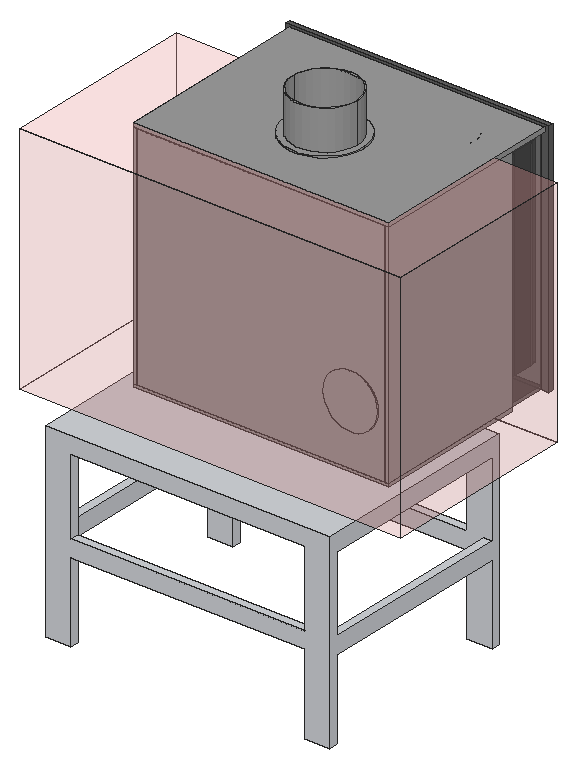
Revit family "FOGO MONTANHA-CLASSIC-E601-GLASS DOOR-R19-V00", category Mechanical Equipment, host Wall, Revit 2019
Family settings
  Host = Wall
  Round Connector Dimension = Use Diameter
  Part Type = Normal
  OmniClass Number = 23.19.17.00
  Always vertical = Yes
  Cut with Voids When Loaded = No
  Shared = No
  Room Calculation Point = No
Parameters (values of type "Glass Door-3 sided Black Steel Frame 20mm")
  r_SmallDuct_Top = Diameter / 2  # 50 mm
  r_CentralDuct_Top = F / 2  # 75 mm
  r_Duct_back = 65 mm
  Frame Type = FOGO MONTANHA-CLASSIC-3L FRAME : E601-20mm-Black Steel
  Door_Glass_Offset = 70 mm
  V = 270
  Support Table [instance] = yes
  Pu = 5.6
  Power = 8 kW
  Pn = 8
  P = 11.9
  Glass = Fogo Montanha-Glass
  Electrical Power = 32 W
  Electric tension = 230 V
  Efficiency at nominal power = "80%"
  Diameter = 100 mm
  Dark Glass = Fogo Montanha-Dark Glass
  URL = "https://welcome.fogo-montanha.com/pesquisar/PA2019P002"
  Door_Position = 5 mm  # constant formula
  Door = Fogo Montanha-Dark Glass
  Offset_Door-Frame = 26.7 mm
  GlassDoor = yes
  Model = "Classic-E601"  # constant formula
  Manufacturer URL = "www.fogo-montanha.com"
  Manufacturer = "Fogo Montanha"  # constant formula
  Height from Level [instance] = 450 mm
  Version = "v00"  # constant formula
  Uniformat II Description = "Heat Generating Systems"  # constant formula
  Uniformat II Code = "D3020"  # constant formula
  Uniclass 2015 Name = "Space heaters"  # constant formula
  Uniclass 2015 Code = "TE_70_10_20_80"  # constant formula
  Uniclass 2.0 Description = "Space Heating And Cooling Products"  # constant formula
  Uniclass 2.0 Code = "PR-70-60-36-74"  # constant formula
  Uniclass 1.4 Description = "Fireplaces"  # constant formula
  Uniclass 1.4 Code = "L828"  # constant formula
  UNSPSC Description = "Space Heaters"  # constant formula
  UNSPSC Code = "40101819"  # constant formula
  Reference = "PA2019P002"
  Publication date = "08/2022"  # constant formula
  Number of Poles = 1
  NBS Reference Description = "Room Heaters"  # constant formula
  NBS Reference Code = "60-36-74"  # constant formula
  Masterformat 2014 Description = "Fireplaces and Stoves"  # constant formula
  Masterformat 2014 Code = "10 30 00"  # constant formula
  K = B + 13 mm  # 559 mm
  J = A + 17 mm  # 607 mm
  IfcExportType = "IfcSpaceHeaterType"  # constant formula
  IfcExportAs = "IfcSpaceHeater"  # constant formula
  G = 275 mm
  F = 150 mm
  Offset_Duct_Back = 90 mm
  Clearance Zone Visible [instance] = yes
  Clearance Zone = 150 mm
  Cl = 3.5
  CO2 = 10.1
  CO 13% O2 = 0.056
  Aux_Duct_Top = 120 mm
  Det_Door = if(GlassDoor, -1 mm, 15 mm)  # -1 mm
  Description = "Inseríveis a lenha com ventilação tangencial incluída de série, disponíveis em preto, cinza ou porta em vidro. Incluem porta com sistema de fecho automático, ar externo canalizável através de um kit opcional, dupla combustão e câmara estanque. Possibilidade de regulação da ventilação através de um controlador GLA que, com a inclusão de um Damper, permitirá também o controlo do ar de combustão. Kit wi-fi opcional para gestão do controlador GLA à distância através de smartphone."  # constant formula
  D = 465 mm
  Body = Fogo Montanha-Steel
  Base_Offset [instance] = if(and(Height from Level < 300 mm, Support Table), 300 mm, if(and(Height from Level > 545 mm, Support Table), 545 mm, Height from Level))  # 450 mm
  E = B  # 546 mm
  C = A  # 590 mm
  BIM Modeler URL = "www.stratbim.com"
  BIM Modeler = "StratBIM"
  B = 546 mm
  Assembly Code = "D3020"
  A = 590 mm
Types (10, lengths in mm): name | Frame Type | V | P | Efficiency at nominal power | Height from Level | Cl | CO2 | CO 13% O2 | Base_Offset
  Glass Door-3 sided Black Steel Frame 20mm | FOGO MONTANHA-CLASSIC-3L FRAME : E601-20mm-Black Steel | 270 | 11.9 | "80%" | 450 | 3.5 | 10.1 | 0.056 | 450
  Glass Door-4 sided Grey Steel Frame 20mm | FOGO MONTANHA-CLASSIC-4L FRAME : E601-20mm-Grey Steel | 270 | 11.9 | "80%" | 450 | 3.5 | 10.1 | 0.056 | 450
  Glass Door-4 sided Black Steel Frame 20mm | FOGO MONTANHA-CLASSIC-4L FRAME : E601-20mm-Black Steel | 270 | 11.9 | "80%" | 450 | 3.5 | 10.1 | 0.056 | 450
  Glass Door-4 sided Grey Steel Frame 45mm | FOGO MONTANHA-CLASSIC-4L FRAME : E601-45mm-Grey Steel | 270 | 11.9 | "80%" | 450 | 3.5 | 10.1 | 0.056 | 450
  Glass Door-4 sided Black Steel Frame 45mm | FOGO MONTANHA-CLASSIC-4L FRAME : E601-45mm-Black Steel | 270 | 11.9 | "80%" | 450 | 3.5 | 10.1 | 0.056 | 450
  Glass Door-3 sided Grey Steel Frame 45mm | FOGO MONTANHA-CLASSIC-3L FRAME : E601-45mm-Grey Steel | 270 | 11.9 | "80%" | 450 | 3.5 | 10.1 | 0.056 | 450
  Glass Door-3 sided Black Steel Frame 45mm | FOGO MONTANHA-CLASSIC-3L FRAME : E601-45mm-Black Steel | 270 | 11.9 | "80%" | 450 | 3.5 | 10.1 | 0.056 | 450
  Glass Door-3 sided Grey Steel Frame 20mm | FOGO MONTANHA-CLASSIC-3L FRAME : E601-20mm-Grey Steel | 270 | 11.9 | "80%" | 450 | 3.5 | 10.1 | 0.056 | 450
  Glass Door-3 sided Glass Frame 50mm | FOGO MONTANHA-CLASSIC-3L FRAME : E601-50mm-Glass | 270 | 11.9 | "80%" | 450 | 3.5 | 10.1 | 0.056 | 450
  Glass Door-4 sided Glass Frame 50mm | FOGO MONTANHA-CLASSIC-4L FRAME : E601-50mm-Glass | 211 | 9.3 | "0.07" | 200 | 2.8 | 9.3 | 0.07 | 300
Reference planes
  plane 1 "Wall": y = 0
  plane 2 "Center (Left/Right)": x = 0
  plane 3 "Front": y = 75
  plane 4 "2": x = 295
  plane 5 "3": x = -295
  plane 6 "4": x = -295
  plane 7 "5": x = 295
  plane 8 "6": x = -303.5
  plane 9 "7": x = 303.5
  plane 10 "K'": z = 1009
  plane 11 "K": z = 450
  plane 12: y = -200
  plane 13: y = -390
  plane 14 "8": x = -50
  plane 15 "9": x = 50
  plane 16 "10": x = 213.5
  plane 17: z = 729.5
  plane 18 "B'": z = 1002.5
  plane 19 "B": z = 456.5
  plane 20 "E'": z = 1002.5
  plane 21 "E": z = 456.5
  plane 22 "L": z = 601
  plane 23: y = -46
  plane 24 "M": x = -183.5
  plane 25 "M'": x = 183.5
  plane 26: z = 997
  plane 27: z = 466.5
  plane 28 "S": x = -298.5
  plane 29 "T": x = 298.5
  plane 30 "U": x = 271.8
  plane 31 "V": x = -271.8
  plane 32: z = 970.3
  plane 33: z = 493.2
  plane 34: z = 628.2
  plane 35: z = 900.3
  plane 36 "W": x = 201.8
  plane 37 "X": x = -201.8
  plane 38: y = -340
  plane 39 "Y": x = 100
  plane 40 "AA": x = -100
  plane 41: y = 87
  plane 42: z = 558.2
  plane 43: z = 548.2
  plane 44 "BB": z = 1109
  plane 45 "Origin": z = 0
  plane 46: y = -25
Forms (mm)
  Extrusion 1, solid, material "Fogo Montanha-Steel" <- "Body", detail levels coarse
    sketch origin (0, 75, 0) x (1, 0, 0) y (0, 0, 1)
      loop
        line (303.5, 450) -> (303.5, 1002.5) -> (-303.5, 1002.5) -> (-303.5, 450) -> (303.5, 450)
    from 0 to 465
  Extrusion 2, solid, material "Fogo Montanha-Steel" <- "Body", detail levels medium+fine
    sketch origin (-303.5, 0, 0) x (0, 1, 0) y (0, 0, 1)
      loop
        line (-25, 456.5) -> (-25, 1002.5) -> (-200, 1002.5) -> (-390, 1002.5) -> (-390, 456.5) -> (-25, 456.5)
    from 0 to 8.5
  Extrusion 3, solid, material "Fogo Montanha-Steel" <- "Body", detail levels medium+fine
    sketch origin (303.5, 30, 0) x (0, 1, 0) y (0, 0, -1)
      loop
        line (-55, -456.5) -> (-420, -456.5) -> (-420, -1002.5) -> (-230, -1002.5) -> (-55, -1002.5) -> (-55, -456.5)
    from 0 to 8.5
  Extrusion 4, solid, material "Fogo Montanha-Steel" <- "Body", detail levels medium+fine
    sketch origin (1420, -390, 1200) x (1, 0, 0) y (0, 0, 1)
      loop
        line (-1125, -743.5) -> (-1125, -197.5) -> (-1715, -197.5) -> (-1715, -743.5) -> (-1125, -743.5)
    from 0 to -10
  Extrusion 5, solid, material "Fogo Montanha-Steel" <- "Body", detail levels medium+fine
    sketch origin (2348.699, 225, 1002.5) x (1, 0, 0) y (0, 1, 0)
      loop
        line (-2652.199, -150) -> (-2652.199, -615) -> (-2045.199, -615) -> (-2045.199, -150) -> (-2652.199, -150)
      loop
        circle (-2348.699, -425) r 75
    from 10 to 0
  Extrusion 6, solid, material "Fogo Montanha-Steel" <- "Body", detail levels medium+fine
    sketch origin (2348.699, 225, 456.5) x (1, 0, 0) y (0, 1, 0)
      loop
        line (-2652.199, -250) -> (-2652.199, -615) -> (-2045.199, -615) -> (-2045.199, -250) -> (-2652.199, -250)
    from -6.5 to 0
  Extrusion 7, solid, material "Fogo Montanha-Steel" <- "Body", detail levels medium+fine
    sketch origin (1420, -390, 1200) x (1, 0, 0) y (0, 0, 1)
      loop
        circle (-1206.5, -599) r 65
    from 0 to 1
  Sweep 8, solid, material "Fogo Montanha-Steel" <- "Body"
    path in 3D
      loop
        arc (-75, -200, 1009) -> (0, -275, 1009) -> (75, -200, 1009) r 75
        arc (75, -200, 1009) -> (0, -125, 1009) -> (-75, -200, 1009) r 75
    profile origin (0, -125, 1009) x (0, -1, 0) y (0, 0, 1)
      loop
        line (0, 3.5) -> (0, 100) -> (-2, 100) -> (-2, 6.467) -> (-17, 6.467) -> (-17, 3.5) -> (0, 3.5)
  Extrusion 9, solid, material "Fogo Montanha-Glass" <- "Glass", detail levels medium+fine
    sketch origin (0, 75, 0) x (1, 0, 0) y (0, 0, 1)
      loop
        line (201.8, 628.2) -> (201.8, 900.3) -> (-201.8, 900.3) -> (-201.8, 628.2) -> (201.8, 628.2)
    from 0 to -12
  Extrusion 10, solid, material "Fogo Montanha-Dark Glass" <- "Door", detail levels medium+fine
    sketch origin (0, 75, 0) x (1, 0, 0) y (0, 0, 1)
      loop
        line (271.8, 493.2) -> (271.8, 970.3) -> (-271.8, 970.3) -> (-271.8, 493.2) -> (271.8, 493.2)
      loop
        line (-201.8, 628.2) -> (201.8, 628.2) -> (201.8, 900.3) -> (-201.8, 900.3) -> (-201.8, 628.2)
    from 0 to -12
  Extrusion 11, solid, material "Fogo Montanha-Vermiculite", detail levels medium+fine
    sketch origin (-271.8, 0, 0) x (0, 1, 0) y (0, 0, 1)
      loop
        line (0, 493.2) -> (0, 900.3) -> (-200, 900.3) -> (-340, 729.5) -> (-340, 493.2) -> (0, 493.2)
    from 0 to 8.5
  Extrusion 12, solid, material "Fogo Montanha-Dark Glass" <- "Door", detail levels medium+fine
    sketch origin (1420, -25, 1200) x (1, 0, 0) y (0, 0, 1)
      loop
        line (-1148.2, -229.7) -> (-1691.8, -229.7) -> (-1691.8, -706.8) -> (-1148.2, -706.8) -> (-1148.2, -229.7)
      loop
        line (-1121.5, -197.5) -> (-1718.5, -197.5) -> (-1718.5, -743.5) -> (-1121.5, -743.5) -> (-1121.5, -197.5)
    from 0 to 5
  Extrusion 13, solid, material "Fogo Montanha-Vermiculite", detail levels medium+fine
    sketch origin (271.8, 0, 0) x (0, 1, 0) y (0, 0, 1)
      loop
        line (0, 493.2) -> (0, 900.3) -> (-200, 900.3) -> (-340, 729.5) -> (-340, 493.2) -> (0, 493.2)
    from 0 to -8.5
  Extrusion 14, solid, material "Fogo Montanha-Vermiculite", detail levels medium+fine
    sketch origin (1420, -340, 1200) x (1, 0, 0) y (0, 0, 1)
      loop
        line (-1156.7, -706.8) -> (-1156.7, -470.5) -> (-1683.3, -470.5) -> (-1683.3, -706.8) -> (-1156.7, -706.8)
    from 0 to -8.5
  Extrusion 15, solid, material "Fogo Montanha-Vermiculite", detail levels medium+fine
    sketch origin (0, 0, 0) x (0, 1, 0) y (0, 0, 1)
      loop
        line (-200, 900.3) -> (-340, 729.5) -> (-329.009, 729.5) -> (-200, 886.892) -> (-200, 900.3)
    from -271.8 to 271.8
  Extrusion 16, solid, material "Fogo Montanha-Vermiculite", detail levels medium+fine
    sketch origin (2348.699, 225, 493.2) x (1, 0, 0) y (0, 1, 0)
      loop
        line (-2620.499, -225) -> (-2620.499, -565) -> (-2076.899, -565) -> (-2076.899, -225) -> (-2620.499, -225)
      loop
        line (-2248.699, -271) -> (-2448.699, -271) -> (-2448.699, -425) -> (-2248.699, -425) -> (-2248.699, -271)
    from 0 to 10
  Extrusion 17, solid, material "Fogo Montanha-Steel", detail levels medium+fine
    sketch origin (2348.699, 225, 493.2) x (1, 0, 0) y (0, 1, 0)
      loop
        line (-2248.699, -271) -> (-2448.699, -271) -> (-2448.699, -425) -> (-2248.699, -425) -> (-2248.699, -271)
      loop
        line (-2435.699, -300) -> (-2361.699, -300)
        arc (-2361.699, -300) -> (-2359.578, -299.121) -> (-2358.699, -297) r 3
        line (-2358.699, -297) -> (-2358.699, -284)
        arc (-2358.699, -284) -> (-2359.578, -281.879) -> (-2361.699, -281) r 3
        line (-2361.699, -281) -> (-2435.699, -281)
        arc (-2435.699, -281) -> (-2437.82, -281.879) -> (-2438.699, -284) r 3
        line (-2438.699, -284) -> (-2438.699, -297)
        arc (-2438.699, -297) -> (-2437.82, -299.121) -> (-2435.699, -300) r 3
      loop
        arc (-2261.699, -300) -> (-2259.578, -299.121) -> (-2258.699, -297) r 3
        line (-2258.699, -297) -> (-2258.699, -284)
        arc (-2258.699, -284) -> (-2259.578, -281.879) -> (-2261.699, -281) r 3
        line (-2261.699, -281) -> (-2335.699, -281)
        arc (-2335.699, -281) -> (-2337.82, -281.879) -> (-2338.699, -284) r 3
        line (-2338.699, -284) -> (-2338.699, -297)
        arc (-2338.699, -297) -> (-2337.82, -299.121) -> (-2335.699, -300) r 3
        line (-2335.699, -300) -> (-2261.699, -300)
      loop
        line (-2435.699, -329) -> (-2361.699, -329)
        arc (-2361.699, -329) -> (-2359.578, -328.121) -> (-2358.699, -326) r 3
        line (-2358.699, -326) -> (-2358.699, -313)
        arc (-2358.699, -313) -> (-2359.578, -310.879) -> (-2361.699, -310) r 3
        line (-2361.699, -310) -> (-2435.699, -310)
        arc (-2435.699, -310) -> (-2437.82, -310.879) -> (-2438.699, -313) r 3
        line (-2438.699, -313) -> (-2438.699, -326)
        arc (-2438.699, -326) -> (-2437.82, -328.121) -> (-2435.699, -329) r 3
      loop
        arc (-2261.699, -329) -> (-2259.578, -328.121) -> (-2258.699, -326) r 3
        line (-2258.699, -326) -> (-2258.699, -313)
        arc (-2258.699, -313) -> (-2259.578, -310.879) -> (-2261.699, -310) r 3
        line (-2261.699, -310) -> (-2335.699, -310)
        arc (-2335.699, -310) -> (-2337.82, -310.879) -> (-2338.699, -313) r 3
        line (-2338.699, -313) -> (-2338.699, -326)
        arc (-2338.699, -326) -> (-2337.82, -328.121) -> (-2335.699, -329) r 3
        line (-2335.699, -329) -> (-2261.699, -329)
      loop
        line (-2435.699, -358) -> (-2361.699, -358)
        arc (-2361.699, -358) -> (-2359.578, -357.121) -> (-2358.699, -355) r 3
        line (-2358.699, -355) -> (-2358.699, -342)
        arc (-2358.699, -342) -> (-2359.578, -339.879) -> (-2361.699, -339) r 3
        line (-2361.699, -339) -> (-2435.699, -339)
        arc (-2435.699, -339) -> (-2437.82, -339.879) -> (-2438.699, -342) r 3
        line (-2438.699, -342) -> (-2438.699, -355)
        arc (-2438.699, -355) -> (-2437.82, -357.121) -> (-2435.699, -358) r 3
      loop
        arc (-2261.699, -358) -> (-2259.578, -357.121) -> (-2258.699, -355) r 3
        line (-2258.699, -355) -> (-2258.699, -342)
        arc (-2258.699, -342) -> (-2259.578, -339.879) -> (-2261.699, -339) r 3
        line (-2261.699, -339) -> (-2335.699, -339)
        arc (-2335.699, -339) -> (-2337.82, -339.879) -> (-2338.699, -342) r 3
        line (-2338.699, -342) -> (-2338.699, -355)
        arc (-2338.699, -355) -> (-2337.82, -357.121) -> (-2335.699, -358) r 3
        line (-2335.699, -358) -> (-2261.699, -358)
      loop
        line (-2435.699, -387) -> (-2361.699, -387)
        arc (-2361.699, -387) -> (-2359.578, -386.121) -> (-2358.699, -384) r 3
        line (-2358.699, -384) -> (-2358.699, -371)
        arc (-2358.699, -371) -> (-2359.578, -368.879) -> (-2361.699, -368) r 3
        line (-2361.699, -368) -> (-2435.699, -368)
        arc (-2435.699, -368) -> (-2437.82, -368.879) -> (-2438.699, -371) r 3
        line (-2438.699, -371) -> (-2438.699, -384)
        arc (-2438.699, -384) -> (-2437.82, -386.121) -> (-2435.699, -387) r 3
      loop
        arc (-2261.699, -387) -> (-2259.578, -386.121) -> (-2258.699, -384) r 3
        line (-2258.699, -384) -> (-2258.699, -371)
        arc (-2258.699, -371) -> (-2259.578, -368.879) -> (-2261.699, -368) r 3
        line (-2261.699, -368) -> (-2335.699, -368)
        arc (-2335.699, -368) -> (-2337.82, -368.879) -> (-2338.699, -371) r 3
        line (-2338.699, -371) -> (-2338.699, -384)
        arc (-2338.699, -384) -> (-2337.82, -386.121) -> (-2335.699, -387) r 3
        line (-2335.699, -387) -> (-2261.699, -387)
      loop
        line (-2435.699, -416) -> (-2361.699, -416)
        arc (-2361.699, -416) -> (-2359.578, -415.121) -> (-2358.699, -413) r 3
        line (-2358.699, -413) -> (-2358.699, -400)
        arc (-2358.699, -400) -> (-2359.578, -397.879) -> (-2361.699, -397) r 3
        line (-2361.699, -397) -> (-2435.699, -397)
        arc (-2435.699, -397) -> (-2437.82, -397.879) -> (-2438.699, -400) r 3
        line (-2438.699, -400) -> (-2438.699, -413)
        arc (-2438.699, -413) -> (-2437.82, -415.121) -> (-2435.699, -416) r 3
      loop
        arc (-2261.699, -416) -> (-2259.578, -415.121) -> (-2258.699, -413) r 3
        line (-2258.699, -413) -> (-2258.699, -400)
        arc (-2258.699, -400) -> (-2259.578, -397.879) -> (-2261.699, -397) r 3
        line (-2261.699, -397) -> (-2335.699, -397)
        arc (-2335.699, -397) -> (-2337.82, -397.879) -> (-2338.699, -400) r 3
        line (-2338.699, -400) -> (-2338.699, -413)
        arc (-2338.699, -413) -> (-2337.82, -415.121) -> (-2335.699, -416) r 3
        line (-2335.699, -416) -> (-2261.699, -416)
    from 0 to 10
  Extrusion 18, void
    sketch origin (0, 87, 0) x (1, 0, 0) y (0, 0, 1)
      loop
        line (271.8, 548.2) -> (271.8, 558.2) -> (-271.8, 558.2) -> (-271.8, 548.2) -> (271.8, 548.2)
    from 0 to -1 <- "Det_Door"
  Extrusion 19, solid, material "Fogo Montanha-Black Steel", detail levels medium+fine
    sketch origin (0, 75, 0) x (1, 0, 0) y (0, 0, 1)
      loop
        line (271.8, 493.2) -> (271.8, 970.3) -> (-271.8, 970.3) -> (-271.8, 493.2) -> (271.8, 493.2)
      loop
        line (269.8, 968.3) -> (-269.8, 968.3) -> (-269.8, 495.2) -> (269.8, 495.2) -> (269.8, 968.3)
    from 0 to 100
  Extrusion 20, solid, material "Fogo Montanha-Dark Glass", detail levels medium+fine
    sketch origin (0, 75, 0) x (1, 0, 0) y (0, 0, 1)
      loop
        line (297, 450) -> (297, 1004.5) -> (-297, 1004.5) -> (-297, 450) -> (297, 450)
      loop
        line (295, 456.5) -> (295, 1002.5) -> (-295, 1002.5) -> (-295, 456.5) -> (295, 456.5)
    from 0 to 100
  Extrusion 21, solid
    sketch origin (2348.699, 225, 1009) x (1, 0, 0) y (0, 1, 0)
      loop
        circle (-2165.199, -271) r 50
    from 0 to 1
  Extrusion 22, solid
    sketch origin (2348.699, 225, 1009) x (1, 0, 0) y (0, 1, 0)
      loop
        circle (-2532.199, -271) r 50
    from 0 to 1
  Extrusion 23, solid, material "Fogo Montanha-Steel" <- "Body", visible <- "GlassDoor", detail levels medium+fine
    sketch origin (0, 75, 0) x (1, 0, 0) y (0, 0, 1)
      loop
        line (271.8, 493.2) -> (271.8, 970.3) -> (-271.8, 970.3) -> (-271.8, 493.2) -> (271.8, 493.2)
      loop
        line (-201.8, 628.2) -> (201.8, 628.2) -> (201.8, 900.3) -> (-201.8, 900.3) -> (-201.8, 628.2)
    from 0 to 2
  Extrusion 24, solid, visible <- "Clearance Zone Visible"
    sketch origin (2348.699, 175, 0) x (1, 0, 0) y (0, 1, 0)
      loop
        line (-2802.199, -250) -> (-2802.199, -715) -> (-1895.199, -715) -> (-1895.199, -250) -> (-2045.199, -250) -> (-2045.199, -565) -> (-2652.199, -565) -> (-2652.199, -250) -> (-2802.199, -250)
    from 456.5 to 1012.5
  Extrusion 25, solid, material "Fogo Montanha-Black Steel", detail levels medium+fine
    sketch origin (0, 0, 0) x (1, 0, 0) y (0, 0, 1)
      loop
        line (271.8, 493.2) -> (271.8, 970.3) -> (-271.8, 970.3) -> (-271.8, 493.2) -> (271.8, 493.2)
      loop
        line (-201.8, 628.2) -> (201.8, 628.2) -> (201.8, 900.3) -> (-201.8, 900.3) -> (-201.8, 628.2)
    from -20 to -22
  Extrusion 26, solid, material "Fogo Montanha-Black Steel", detail levels medium+fine
    sketch origin (0, 75, 0) x (1, 0, 0) y (0, 0, 1)
      loop
        line (269.8, 601) -> (-269.8, 601) -> (-269.8, 599) -> (269.8, 599) -> (269.8, 601)
    from 2 to 53
  Extrusion 27, solid, material "Fogo Montanha-Steel" <- "Body"
    sketch origin (0, 50, 0) x (0, 1, 0) y (0, 0, 1)
      loop
        line (-96.937, 920.503) -> (-96.937, 935.3) -> (-300, 935.3) -> (-300, 909.847) -> (-250, 909.847) -> (-229.317, 897.906) -> (-101.741, 897.906) -> (-96.937, 920.503)
    from -150 to 150
Cuts and joins
  Extrusion 18 cuts Extrusion 10
  Extrusion 18 cuts Extrusion 12
  Extrusion 18 cuts Extrusion 11
  Extrusion 18 cuts Extrusion 13
  joined: Extrusion 11, Extrusion 13, Extrusion 14, Extrusion 15, Extrusion 16
Lines and regions (mm)
  Opening 1
    outline origin (-5000, -75, 0) x (1, 0, 0) y (0, 0, 1)
      loop
        line (4696.5, 450) -> (5303.5, 450) -> (5303.5, 1009) -> (4696.5, 1009) -> (4696.5, 450)
  reference lines
    curve 1: circle (0, -200, 1009) r 75 normal (0, 0, 1)
    curve 2: circle (213.5, 75, 601) r 65 normal (0, -1, 0)
    curve 4: circle (-183.5, -46, 1002.5) r 50 normal (0, 0, 1)
    curve 5: circle (183.5, -46, 1002.5) r 50 normal (0, 0, 1)
  sketch lines
    curve 3: circle (0, -200, 1009) r 75 normal (0, 0, 1)
Text (mm)
  text "Placement side" at (-1304.494, 278.82, 0), in view "Ref. Level"
  text "Placement side" at (0, 1334.055, 2976.191), in view "Left"
  text "Placement side" at (0, 439.194, 2944.362), in view "Right"
Dimensions and locks
  locked: plane 3 "Front" to host wall at 0
  "C": plane 4 "2" to plane 5 "3"
  equal spacing: plane 4 "2", plane 2 "Center (Left/Right)", plane 5 "3"
  equal spacing: plane 7 "5", plane 2 "Center (Left/Right)", plane 6 "4"
  "A": plane 7 "5" to plane 6 "4"
  equal spacing: plane 9 "7", plane 2 "Center (Left/Right)", plane 8 "6"
  "J": plane 8 "6" to plane 9 "7"
  "K": plane 11 "K" to plane 10 "K'"
  "Base_Offset": level to plane 11 "K"
  equal spacing: plane 14 "8", plane 2 "Center (Left/Right)", plane 15 "9"
  plane 14 "8" to plane 15 "9" = 100 mm
  equal spacing: plane 11 "K", plane 17, plane 10 "K'"
  equal spacing: plane 19 "B", plane 17, plane 18 "B'"
  "B": plane 19 "B" to plane 18 "B'"
  equal spacing: plane 21 "E", plane 17, plane 20 "E'"
  "E": plane 21 "E" to plane 20 "E'"
  "Offset_Duct_Back": plane 9 "7" to plane 16 "10"
  plane 11 "K" to plane 22 "L" = 151 mm
  "Aux_Duct_Top": plane 8 "6" to plane 24 "M"
  "Aux_Duct_Top": plane 25 "M'" to plane 9 "7"
  "Offset_Door-Frame": plane 32 to plane 26
  "Offset_Door-Frame": plane 27 to plane 33
  "Offset_Door-Frame": plane 29 "T" to plane 30 "U"
  "Offset_Door-Frame": plane 31 "V" to plane 28 "S"
  "Door_Glass_Offset": plane 35 to plane 32
  "Door_Glass_Offset": plane 30 "U" to plane 36 "W"
  "Door_Glass_Offset": plane 37 "X" to plane 31 "V"
  locked: plane 13 to plane 38 at 50
  locked: plane 3 "Front" to plane 41 at 12
  "Door_Glass_Offset": plane 42 to plane 34
  locked: plane 43 to plane 42 at 10
  Extrusion 17 sketch curve to Extrusion 17 sketch curve to Extrusion 17 sketch curve to Extrusion 17 sketch curve to Extrusion 17 sketch curve to Extrusion 17 sketch curve = 10 mm locked, 80 mm locked, 20 mm locked, 80 mm locked, 10 mm locked
  Extrusion 17 sketch curve to Extrusion 17 sketch curve to Extrusion 17 sketch curve to Extrusion 17 sketch curve to Extrusion 17 sketch curve to Extrusion 17 sketch curve to Extrusion 17 sketch curve to Extrusion 17 sketch curve to Extrusion 17 sketch curve to Extrusion 17 sketch curve to Extrusion 17 sketch curve to Extrusion 17 sketch curve = 10 mm locked, 19 mm locked, 10 mm locked, 19 mm locked, 10 mm locked, 19 mm locked, 10 mm locked, 19 mm locked, 10 mm locked, 19 mm locked, 9 mm locked
  "Door_Position": plane 9 "7" to plane 29 "T"
  "Door_Position": plane 28 "S" to plane 8 "6"
  locked: plane 46 to plane 3 "Front" at 100
  locked: cut or joined group of Extrusion 10, Extrusion 18 to Extrusion 19 sketch curve at 2
  locked: plane 26 to plane 20 "E'" at 5.5
  locked: plane 33 to plane 43 at 55
  locked: plane 21 "E" to plane 27 at 10
  "Clearance Zone": Extrusion 24 sketch curve to Extrusion 24 sketch curve  (x3)
  Extrusion 26 sketch curve to plane 22 "L" = 2 mm
  cut or joined group of Extrusion 10, Extrusion 18 to Extrusion 26 sketch curve = 2 mm
  Extrusion 26 sketch curve to plane 31 "V" = 2 mm
  locked: plane 10 "K'" to plane 44 "BB" at 100
  locked: Extrusion 27 sketch curve to Extrusion 27 sketch curve at 127.577
  locked: plane 23 to plane 46 at 21
  locked: plane 12 to plane 23 at 154
  locked: plane 38 to plane 12 at 140
  locked: plane 46 to plane 1 "Wall" at 25
  "r_CentralDuct_Top": radius of curve 1
  "r_Duct_back": radius of curve 2
  "r_SmallDuct_Top": radius of curve 5
  "r_SmallDuct_Top": radius of curve 4
  aligned and locked: plane 8 "6" to Opening 1 sketch curve
  aligned and locked: Opening 1 sketch curve to plane 9 "7"
  aligned and locked: plane 10 "K'" to Opening 1 sketch curve
  aligned and locked: plane 11 "K" to Opening 1 sketch curve
  aligned and locked: plane 8 "6" to Extrusion 1 sketch curve
  aligned and locked: Extrusion 1 sketch curve to plane 9 "7"
  aligned and locked: plane 18 "B'" to Extrusion 1 sketch curve
  aligned and locked: plane 13 to Extrusion 1
  aligned and locked: plane 19 "B" to Extrusion 2 sketch curve
  aligned and locked: plane 18 "B'" to Extrusion 2 sketch curve
  aligned and locked: plane 13 to Extrusion 2 sketch curve
  aligned and locked: Extrusion 3 sketch curve to plane 18 "B'"
  aligned and locked: Extrusion 3 sketch curve to plane 13
  aligned and locked: Extrusion 3 sketch curve to plane 19 "B"
  aligned and locked: plane 4 "2" to Extrusion 4 sketch curve
  aligned and locked: plane 5 "3" to Extrusion 4 sketch curve
  aligned and locked: plane 21 "E" to Extrusion 4 sketch curve
  aligned and locked: plane 20 "E'" to Extrusion 4 sketch curve
  aligned and locked: plane 5 "3" to Extrusion 2
  aligned and locked: Extrusion 3 to plane 4 "2"
  aligned and locked: Extrusion 5 sketch curve to plane 8 "6"
  aligned and locked: plane 9 "7" to Extrusion 5 sketch curve
  aligned and locked: Extrusion 5 sketch curve to plane 13
  aligned and locked: Extrusion 5 sketch curve to curve 1
  aligned and locked: plane 9 "7" to Extrusion 6 sketch curve
  aligned and locked: Extrusion 6 sketch curve to plane 8 "6"
  aligned and locked: Extrusion 6 sketch curve to plane 13
  aligned and locked: Extrusion 7 sketch curve to curve 2
  aligned and locked: plane 24 "M" to curve 4
  aligned and locked: plane 23 to curve 4
  aligned and locked: plane 23 to curve 5
  aligned and locked: plane 25 "M'" to curve 5
  aligned and locked: plane 34 to Extrusion 9 sketch curve
  aligned and locked: Extrusion 9 sketch curve to plane 36 "W"
  aligned and locked: Extrusion 9 sketch curve to plane 35
  aligned and locked: plane 37 "X" to Extrusion 9 sketch curve
  aligned and locked: plane 33 to Extrusion 10 sketch curve
  aligned and locked: Extrusion 10 sketch curve to plane 30 "U"
  aligned and locked: Extrusion 10 sketch curve to plane 32
  aligned and locked: plane 31 "V" to Extrusion 10 sketch curve
  aligned and locked: Extrusion 10 sketch curve to Extrusion 9  (x4)
  aligned and locked: Extrusion 11 to plane 33
  aligned and locked: plane 32 to Extrusion 12 sketch curve
  aligned and locked: plane 33 to Extrusion 12 sketch curve
  aligned and locked: plane 30 "U" to Extrusion 12 sketch curve
  aligned and locked: plane 31 "V" to Extrusion 12 sketch curve
  aligned and locked: plane 28 "S" to Extrusion 12 sketch curve
  aligned and locked: Extrusion 12 sketch curve to plane 29 "T"
  aligned and locked: plane 35 to Extrusion 11 sketch curve
  aligned and locked: plane 12 to Extrusion 11 sketch curve
  aligned and locked: Extrusion 14 to Extrusion 11
  aligned and locked: Extrusion 14 to Extrusion 13
  aligned and locked: Extrusion 13 sketch curve to Extrusion 14
  aligned and locked: Extrusion 11 sketch curve to plane 38
  aligned and locked: plane 17 to Extrusion 14
  aligned and locked: plane 17 to Extrusion 11 sketch curve
  aligned and locked: plane 17 to Extrusion 13 sketch curve
  aligned and locked: Extrusion 15 sketch curve to Extrusion 11
  aligned and locked: plane 17 to Extrusion 15 sketch curve
  aligned and locked: plane 12 to Extrusion 15 sketch curve
  aligned and locked: plane 30 "U" to Extrusion 15
  aligned and locked: Extrusion 15 to plane 31 "V"
  aligned and locked: Extrusion 11 to Extrusion 14
  aligned and locked: Extrusion 16 sketch curve to plane 31 "V"
  aligned and locked: Extrusion 16 sketch curve to plane 38
  aligned and locked: Extrusion 16 sketch curve to plane 30 "U"
  aligned and locked: plane 12 to Extrusion 16 sketch curve
  aligned and locked: Extrusion 16 sketch curve to plane 23
  aligned and locked: Extrusion 16 sketch curve to plane 40 "AA"
  aligned and locked: plane 39 "Y" to Extrusion 16 sketch curve
  aligned and locked: Extrusion 17 sketch curve to plane 39 "Y"
  aligned and locked: Extrusion 17 sketch curve to plane 23
  aligned and locked: Extrusion 17 to plane 33
  aligned and locked: Extrusion 16 to Extrusion 17
  aligned and locked: Extrusion 18 to plane 43
  aligned and locked: plane 42 to Extrusion 18
  aligned and locked: plane 30 "U" to Extrusion 18
  aligned and locked: Extrusion 18 to plane 31 "V"
  aligned and locked: Extrusion 17 sketch curve to Extrusion 17 sketch curve  (x26)
  aligned and locked: nested 1 to plane 2 "Center (Left/Right)"
  aligned and locked: plane 44 "BB" to Sweep 8 sketch curve
  aligned and locked: Extrusion 5 to Sweep 8 sketch curve
  aligned and locked: level to plane 45 "Origin"
  aligned and locked: Extrusion 13 sketch curve to plane 1 "Wall"
  aligned and locked: plane 46 to Extrusion 3 sketch curve
  aligned and locked: Extrusion 2 sketch curve to plane 46
  aligned and locked: Extrusion 9 to plane 41
  aligned and locked: plane 30 "U" to Extrusion 19 sketch curve
  aligned and locked: plane 32 to Extrusion 19 sketch curve
  aligned and locked: plane 31 "V" to Extrusion 19 sketch curve
  aligned and locked: plane 46 to Extrusion 19
  aligned and locked: Extrusion 20 sketch curve to plane 7 "5"
  aligned and locked: Extrusion 20 sketch curve to plane 20 "E'"
  aligned and locked: plane 6 "4" to Extrusion 20 sketch curve
  aligned and locked: plane 18 "B'" to Extrusion 12 sketch curve
  aligned and locked: Extrusion 21 sketch curve to curve 5
  aligned and locked: Extrusion 22 sketch curve to curve 4
  aligned and locked: Extrusion 6 to plane 11 "K"
  aligned and locked: nested 1 to plane 17
  aligned and locked: plane 11 "K" to Extrusion 20 sketch curve
  aligned and locked: Extrusion 24 sketch curve to host wall
  aligned and locked: host wall to Extrusion 24 sketch curve
  aligned and locked: plane 13 to Extrusion 24 sketch curve
  aligned and locked: Extrusion 24 to Extrusion 5
  aligned and locked: Extrusion 24 to plane 21 "E"
  aligned and locked: Extrusion 24 sketch curve to plane 8 "6"
  aligned and locked: plane 9 "7" to Extrusion 24 sketch curve
  aligned and locked: Extrusion 16 sketch curve to plane 1 "Wall"
  aligned and locked: Extrusion 26 to Extrusion 25
  aligned and locked: Extrusion 26 to Extrusion 23
  aligned and locked: Extrusion 1 sketch curve to plane 11 "K"
  aligned and locked: plane 19 "B" to Extrusion 20 sketch curve
  aligned and locked: Extrusion 12 sketch curve to plane 21 "E"
  aligned and locked: Extrusion 6 sketch curve to Extrusion 3
  aligned and locked: Extrusion 11 to plane 1 "Wall"
  aligned and locked: nested 2 to plane 2 "Center (Left/Right)"
  aligned and locked: nested 2 to host wall
Automatic sketch dimensions
  Extrusion 2 sketch curve to plane 12 = 0 mm
  Extrusion 3 sketch curve to plane 12 = 0 mm
  Extrusion 5 sketch curve to host wall = 0 mm
  Sweep 8 sketch curve to profile plane = 0 mm
  profile plane to Sweep 8 sketch curve = 2 mm
  profile plane to Sweep 8 sketch curve = 6.467 mm
  Sweep 8 sketch curve to Sweep 8 sketch curve = 15 mm
  Extrusion 11 sketch curve to plane 33 = 0 mm
  Extrusion 13 sketch curve to plane 12 = 0 mm
  Extrusion 13 sketch curve to plane 33 = 0 mm
  Extrusion 13 sketch curve to plane 35 = 0 mm
  Extrusion 14 sketch curve to plane 33 = 0 mm
  Extrusion 14 sketch curve to plane 17 = 0 mm
  plane 31 "V" to Extrusion 14 sketch curve = 8.5 mm
  Extrusion 14 sketch curve to plane 30 "U" = 8.5 mm
  Extrusion 15 sketch curve to plane 38 = 10.991 mm
  Extrusion 15 sketch curve to Extrusion 15 sketch curve = 13.408 mm
  Extrusion 17 sketch curve to Extrusion 17 sketch curve = 3 mm  (x40)
  Extrusion 18 sketch curve to Extrusion 10 = 0 mm
  Extrusion 10 to Extrusion 18 sketch curve = 0 mm
  Extrusion 10 to Extrusion 18 sketch curve = 55 mm
  Extrusion 18 sketch curve to Extrusion 18 sketch curve = 10 mm
  Extrusion 19 sketch curve to plane 33 = 0 mm
  plane 31 "V" to Extrusion 19 sketch curve = 2 mm
  Extrusion 19 sketch curve to plane 30 "U" = 2 mm
  Extrusion 19 sketch curve to plane 32 = 2 mm
  plane 28 "S" to Extrusion 20 sketch curve = 1.5 mm
  Extrusion 20 sketch curve to plane 29 "T" = 1.5 mm
  plane 18 "B'" to Extrusion 20 sketch curve = 2 mm
  Extrusion 23 sketch curve to plane 31 "V" = 0 mm
  Extrusion 23 sketch curve to plane 35 = 0 mm
  Extrusion 23 sketch curve to plane 37 "X" = 0 mm
  Extrusion 23 sketch curve to plane 34 = 0 mm
  Extrusion 23 sketch curve to plane 36 "W" = 0 mm
  Extrusion 23 sketch curve to plane 30 "U" = 0 mm
  Extrusion 23 sketch curve to plane 33 = 0 mm
  Extrusion 23 sketch curve to plane 32 = 0 mm
  Extrusion 25 sketch curve to plane 31 "V" = 0 mm
  Extrusion 25 sketch curve to plane 35 = 0 mm
  Extrusion 25 sketch curve to plane 37 "X" = 0 mm
  Extrusion 25 sketch curve to plane 34 = 0 mm
  Extrusion 25 sketch curve to plane 36 "W" = 0 mm
  Extrusion 25 sketch curve to plane 30 "U" = 0 mm
  Extrusion 25 sketch curve to plane 33 = 0 mm
  Extrusion 25 sketch curve to plane 32 = 0 mm
  Extrusion 26 sketch curve to plane 22 "L" = 0 mm
  Extrusion 27 sketch curve to plane 12 = 0 mm
  plane 35 to Extrusion 27 sketch curve = 9.547 mm
  plane 12 to Extrusion 27 sketch curve = 50 mm
  Extrusion 27 sketch curve to plane 35 = 2.394 mm
  Extrusion 27 sketch curve to plane 12 = 20.683 mm
  plane 23 to Extrusion 27 sketch curve = 0.937 mm
  plane 35 to Extrusion 27 sketch curve = 20.203 mm
  Extrusion 27 sketch curve to Extrusion 27 sketch curve = 14.797 mm
  host wall to Extrusion 11 sketch curve = 0 mm
  curve 2 to plane 16 "10" = 0 mm
  curve 2 to plane 22 "L" = 0 mm
  curve 4 to plane 24 "M" = 0 mm
  curve 1 to plane 2 "Center (Left/Right)" = 0 mm
  plane 12 to curve 1 = 0 mm
Nested families
  nested 1: "FOGO MONTANHA-CLASSIC-3L FRAME" at (0, 75, 729.5) x (-1, 0, 0) z (0, 1, 0), type <- "Frame Type", type "E601-20mm-Black Steel"
    with Width 20 mm, A 587 mm
  nested 2: "FOGO MONTANHA-SUPPORT TABLE-R19-V00" at (0, -75, 0) x (-1, 0, 0) z (0, 0, 1), visible <- "Support Table", H <- "Base_Offset", type "PA1090G049"
    with H 450 mm
Connectors
  hvac at (0, -200, 1109), driven by "F"
    settings: on Sweep 8, index 1, duct flow 0.0 L/s, flow factor 0, pres drop 0.0 Pa, loss coef 0, conn angle 0.00°, conn width 304.8 mm, conn height 304.8 mm, conn diameter 150 mm, duct sys type 3, conn prof type 0, flow config 0, flow direction 2, loss method 0, conn ref index -1, conn util no, is conn primary yes, conn desc ""
  electrical at (-303.5, -206, 784.1), driven by "Number of Poles", driven by "Electric tension", driven by "Electrical Power"
    settings: on Extrusion 2, index 3, voltage 230 V, apparent load 32 VA, apparent load phase1 0 VA, apparent load phase2 0 VA, apparent load phase3 0 VA, power factor 1, load classification "Other", number of poles 1, system type 30, power factor state 1, is connector primary yes, connector utility no, sub classification motor no, connector description ""
  hvac at (213.5, -390, 601), driven by "Diameter"
    settings: on Extrusion 7, index 4, duct flow 0.0 L/s, flow factor 0, pres drop 0.0 Pa, loss coef 0, conn angle 0.00°, conn width 304.8 mm, conn height 304.8 mm, conn diameter 100 mm, duct sys type 1, conn prof type 0, flow config 0, flow direction 1, loss method 0, conn ref index -1, conn util no, is conn primary no, conn desc ""
  hvac at (-183.5, -46, 1010), driven by "Diameter"
    settings: on Extrusion 22, index 5, duct flow 0.0 L/s, flow factor 0, pres drop 0.0 Pa, loss coef 0, conn angle 0.00°, conn width 304.8 mm, conn height 304.8 mm, conn diameter 100 mm, duct sys type 3, conn prof type 0, flow config 0, flow direction 2, loss method 0, conn ref index -1, conn util no, is conn primary no, conn desc ""
  hvac at (183.5, -46, 1010), driven by "Diameter"
    settings: on Extrusion 21, index 6, duct flow 0.0 L/s, flow factor 0, pres drop 0.0 Pa, loss coef 0, conn angle 0.00°, conn width 304.8 mm, conn height 304.8 mm, conn diameter 100 mm, duct sys type 3, conn prof type 0, flow config 0, flow direction 2, loss method 0, conn ref index -1, conn util no, is conn primary no, conn desc ""
Definition of nested family "FOGO MONTANHA-CLASSIC-3L FRAME"
  Parameters (values of type "E801-45mm-Grey")
    Width = 45 mm
    Uniformat II Description = "Other HVAC Systems & Equipment"
    Uniformat II Code = "D3090"
    Uniclass 2015 Name = "Fireplace Surrounds"
    Uniclass 2015 Code = "PR_70_60_80_32"
    URL = "https://www.fogo-montanha.com/pt"
    UNSPSC Code = "40101819"
    Thickness = 12 mm
    Reference = "MO2070G113"
    Model = "3 Sided"  # constant formula
    Masterformat 2014 Description = "Fireplace Specialties"
    Masterformat 2014 Code = "10 32 00"
    Manufacturer = "Fogo Montanha"  # constant formula
    Frame Material = none
    Description = ""
    Default Elevation = 0 mm  # constant formula
    B = 536 mm  # constant formula
    A = 787 mm
  Types (20, lengths in mm): name | Width | Uniclass 2015 Name | Reference | A
    E901-45mm-Black | 45 | "Fireplace surrounds" | "MO2070P117" | 887
    E901-50mm-Glass | 50 | "Fireplace surrounds" | "MO2070V007" | 887
    E901-20mm-Black | 20 | "Fireplace surrounds" | "MO2070P119" | 887
    E801-50mm-Glass | 50 | "Fireplace surrounds" | "MO2070V005" | 787
    E801-45mm-Black | 45 | "Fireplace surrounds" | "MO2070P113" | 787
    E801-20mm-Black | 20 | "Fireplace surrounds" | "MO2070P115" | 787
    E701-50mm-Glass | 50 | "Fireplace surrounds" | "MO2070V003" | 687
    E701-45mm-Black | 45 | "Fireplace surrounds" | "MO2070P109" | 687
    E701-20mm-Black | 20 | "Fireplace surrounds" | "MO2070P111" | 687
    E601-50mm-Glass | 50 | "Fireplace surrounds" | "MO2070V001" | 587
    E601-45mm-Black | 45 | "Fireplace Surrounds" | "MO2070P105" | 587
    E601-20mm-Grey | 20 | "Fireplace surrounds" | "MO2070G107" | 587
    E901-20mm-Grey | 20 | "Fireplace surrounds" | "MO2070G119" | 887
    E801-20mm-Grey | 20 | "Fireplace surrounds" | "MO2070G115" | 787
    E701-20mm-Grey | 20 | "Fireplace surrounds" | "MO2070G111" | 687
    E601-20mm-Black | 20 | "Fireplace Surrounds" | "MO2070P107" | 587
    E901-45mm-Grey | 45 | "Fireplace surrounds" | "MO2070G117" | 887
    E801-45mm-Grey | 45 | "Fireplace Surrounds" | "MO2070G113" | 787
    E701-45mm-Grey | 45 | "Fireplace surrounds" | "MO2070G109" | 687
    E601-45mm-Grey | 45 | "Fireplace surrounds" | "MO2070G105" | 587
  Reference planes
    plane 1 "Center (Front/Back)": y = 0
    plane 2: z = 0
    plane 3 "Center (Left/Right)": x = 0
    plane 4: x = -393.5
    plane 5: x = 393.5
    plane 6: y = 268
    plane 7: y = -268
    plane 8: x = -438.5
    plane 9: z = 12
    plane 10: y = -279.5
  Forms (mm)
    Extrusion 1, solid
      sketch origin (0, 0, 0) x (1, 0, 0) y (0, 1, 0)
        loop
          line (-1219.2, 1219.2) -> (-1219.2, -1219.2) -> (1219.2, -1219.2) -> (1219.2, 1219.2) -> (-1219.2, 1219.2)
      from 0 to -304.8
    Sweep 2, solid, material <- "Frame Material"
      path origin (0, 0, 0) x (1, 0, 0) y (0, 1, 0)
        loop
          line (393.5, -279.5) -> (393.5, 268) -> (-393.5, 268) -> (-393.5, -279.5)
      profile origin (-393.5, -5.75, 0) x (1, 0, 0) y (0, 0, 1)
        loop
          line (-45, 12) -> (-45, 0) -> (0, 0) -> (0, 12) -> (-45, 12)
  Dimensions and locks
    equal spacing: plane 6, plane 1 "Center (Front/Back)", plane 7
    "B": plane 6 to plane 7
    equal spacing: plane 4, plane 3 "Center (Left/Right)", plane 5
    "A": plane 4 to plane 5
    "Thickness": plane 9 to plane 2
    "Width": plane 4 to plane 8
    locked: plane 10 to plane 7 at 11.5
    aligned and locked: plane 2 to Extrusion 1
    aligned and locked: level to Extrusion 1
    aligned and locked: plane 6 to Sweep 2 sketch curve
    aligned and locked: Sweep 2 sketch curve to plane 9
    aligned and locked: Sweep 2 sketch curve to plane 8
    aligned and locked: Sweep 2 sketch curve to plane 4  (x2)
    aligned and locked: Sweep 2 sketch curve to plane 2
    aligned and locked: plane 10 to Sweep 2 sketch curve  (x2)
    aligned and locked: Sweep 2 sketch curve to plane 5
  Automatic sketch dimensions
    Extrusion 1 sketch curve to Extrusion 1 sketch curve = 2438.4 mm  (x2)
Definition of nested family "FOGO MONTANHA-SUPPORT TABLE-R19-V00"
  Parameters (values of type "PA1090G049")
    URL = "https://fogo-montanha.com"
    Reference = "PA1090G049"
    P = 533 mm
    Model = "Support Table"  # constant formula
    Manufacturer = "Fogo Montanha"  # constant formula
    L = 677 mm
    H [instance] = 420 mm
    Description = "Mesa de suporte PA1090G049 compatível com os modelos Classic E601,Classic E701, Design E709, Design E609 e Design E609H."
  Types (4, lengths in mm): name | Reference | P | L | H | Description
    (no name) | "PA1090G049" | 533 | 677 | 420 | "Mesa de suporte PA1090G049 compatível com os modelos Classic E601,Classic E701, Design E709, Design E609 e Design E609H."
    PA1090G027 | "PA1090G027" | 470 | 677 | 300 | "Mesa de suporte PA1090G027 compatível com os modelos SQUARE D e SQUARE V."
    PA1090G049 | "PA1090G049" | 533 | 677 | 420 | "Mesa de suporte PA1090G049 compatível com os modelos Classic E601,Classic E701, Design E709, Design E609 e Design E609H."
    PA1090G051 | "PA1090G051" | 533 | 877 | 504 | "Mesa de suporte PA1090G051 compatível com os modelos Classic E901, Classic E801, Design E909 e Design E809."
  Reference planes
    plane 1 "Center (Front/Back)": y = 0
    plane 2: z = 0
    plane 3 "Center (Left/Right)": x = 0
    plane 4: x = -338.5
    plane 5: x = -318.5
    plane 6: x = -278.5
    plane 7: x = 278.5
    plane 8: x = 318.5
    plane 9: x = 338.5
    plane 10: y = 533
    plane 11: y = 513
    plane 12: y = 50
    plane 13: y = 30
    plane 14: z = 420
    plane 15: z = 380
    plane 16: z = 200
    plane 17: z = 160
  Forms (mm)
    Extrusion 1, solid
      sketch origin (0, 0, 0) x (1, 0, 0) y (0, 1, 0)
        loop
          line (-338.5, 533) -> (-338.5, 513) -> (-278.5, 513) -> (-278.5, 533) -> (-338.5, 533)
        loop
          line (-338.5, 30) -> (-278.5, 30) -> (-278.5, 50) -> (-338.5, 50) -> (-338.5, 30)
        loop
          line (278.5, 50) -> (278.5, 30) -> (338.5, 30) -> (338.5, 50) -> (278.5, 50)
        loop
          line (278.5, 533) -> (278.5, 513) -> (338.5, 513) -> (338.5, 533) -> (278.5, 533)
      from 0 to 380
    Extrusion 2, solid
      sketch origin (0, 0, 0) x (1, 0, 0) y (0, 1, 0)
        loop
          line (-338.5, 533) -> (-338.5, 30) -> (-278.5, 30) -> (-278.5, 0) -> (278.5, 0) -> (278.5, 30) -> (338.5, 30) -> (338.5, 533) -> (-338.5, 533)
      from 380 to 420
    Extrusion 3, solid
      sketch origin (0, 0, 0) x (1, 0, 0) y (0, 1, 0)
        loop
          line (338.5, 533) -> (-338.5, 533) -> (-338.5, 30) -> (338.5, 30) -> (338.5, 533)
        loop
          line (318.5, 513) -> (-318.5, 513) -> (-318.5, 50) -> (318.5, 50) -> (318.5, 513)
      from 160 to 200
  Cuts and joins
    joined: Extrusion 1, Extrusion 2, Extrusion 3
  Dimensions and locks
    locked: plane 4 to plane 5 at 20
    locked: plane 4 to plane 6 at 60
    locked: plane 7 to plane 9 at 60
    equal spacing: plane 4, plane 3 "Center (Left/Right)", plane 9
    "L": plane 4 to plane 9
    locked: plane 10 to plane 11 at 20
    locked: plane 12 to plane 13 at 20
    locked: plane 13 to plane 1 "Center (Front/Back)" at 30
    "P": plane 1 "Center (Front/Back)" to plane 10
    locked: plane 14 to plane 15 at 40
    locked: plane 15 to plane 16 at 180
    locked: plane 16 to plane 17 at 40
    "H": plane 14 to level
    locked: plane 8 to plane 9 at 20
    aligned and locked: level to plane 2
    aligned and locked: Extrusion 1 sketch curve to plane 10  (x2)
    aligned and locked: Extrusion 1 sketch curve to plane 11  (x2)
    aligned and locked: Extrusion 1 sketch curve to plane 6  (x2)
    aligned and locked: Extrusion 1 sketch curve to plane 4  (x2)
    aligned and locked: Extrusion 1 sketch curve to plane 13  (x2)
    aligned and locked: Extrusion 1 sketch curve to plane 12  (x2)
    aligned and locked: Extrusion 1 sketch curve to plane 9  (x2)
    aligned and locked: Extrusion 1 sketch curve to plane 7  (x2)
    aligned and locked: plane 15 to Extrusion 1
    aligned and locked: Extrusion 2 sketch curve to plane 10
    aligned and locked: Extrusion 2 sketch curve to plane 9
    aligned and locked: Extrusion 2 sketch curve to plane 13  (x2)
    aligned and locked: Extrusion 2 sketch curve to plane 1 "Center (Front/Back)"
    aligned and locked: Extrusion 2 sketch curve to plane 4
    aligned and locked: Extrusion 2 sketch curve to plane 6
    aligned and locked: Extrusion 2 sketch curve to plane 7
    aligned and locked: plane 14 to Extrusion 2
    aligned and locked: Extrusion 2 to plane 15
    aligned and locked: Extrusion 3 sketch curve to plane 9
    aligned and locked: Extrusion 3 sketch curve to plane 8
    aligned and locked: Extrusion 3 sketch curve to plane 5
    aligned and locked: Extrusion 3 sketch curve to plane 4
    aligned and locked: Extrusion 3 sketch curve to plane 11
    aligned and locked: Extrusion 3 sketch curve to plane 10
    aligned and locked: Extrusion 3 sketch curve to plane 12
    aligned and locked: Extrusion 3 sketch curve to plane 13
    aligned and locked: plane 16 to Extrusion 3
    aligned and locked: Extrusion 3 to plane 17
